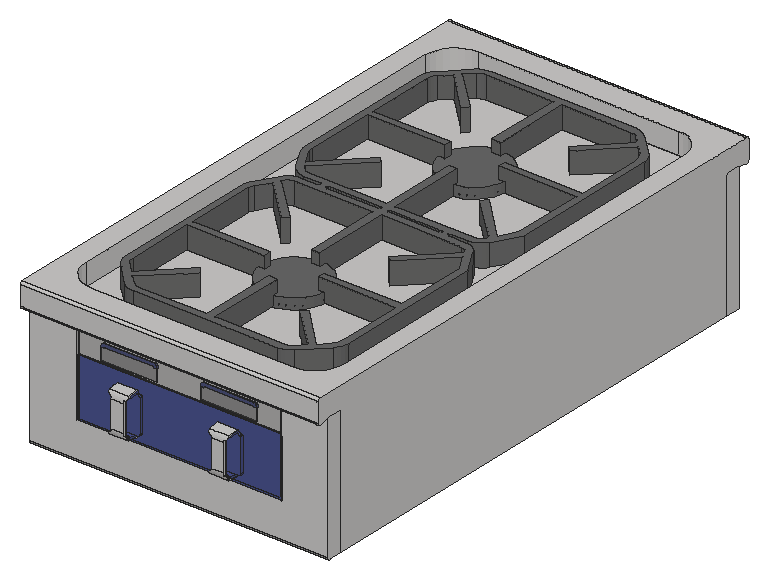
Revit family "QF_ELECTROLUXPROFESSIONAL_593302_MCDBAAHOVO", category Specialty Equipment, Revit 2018
Family settings
  Round Connector Dimension = Use Diameter
  Part Type = Normal
  Work Plane-Based = No
  Always vertical = Yes
  Cut with Voids When Loaded = No
  Shared = No
  Room Calculation Point = No
Parameters (values of type "Standard")
  Weight = 115.00 kg
  Watts = 0 W
  Volts = 0 V
  URL Manufacturer = "http://professional.electrolux.com"
  URL = "http://professional.electrolux.com"
  Steam Supply Size = 0"
  Steam Supply Minimum Pressure = 0.00 psi
  Steam Supply Maximum Pressure = 0.00 psi
  Steam Pounds per Hour = 0
  Refrigeration Suction Line Size = 0 mm
  Refrigeration Liquid Line Size = 0 mm
  Refrigerant Compressor Remote = yes
  Phase = 0
  Model = "MCDBAAHOVO"
  Manufacturer = "Electrolux Professional"
  Length Actual = 800 mm  # constant formula
  Item Number = "593302"
  Hot Water Size = 0"
  Height Actual = 250 mm  # constant formula
  HP = "0 HP"
  Gas Size = 1/2"
  Gas KW = 19
  Gas Input Pressure = 1.55329 Btu/h
  Direct Waste Size = 0"
  Description = "GAS CHARGRILL,TOWNGAS,1S,800X900X250H"
  Depth Actual = 900 mm  # constant formula
  Cycle = 0 Hz
  Condensate Return Size = 0"
  Compressed Air Volume = 0 GPM
  Compressed Air Size = 0"
  Compressed Air Pressure = 0.00 psi
  Cold Water Size = 0"
  Back Panel [instance] = yes
  Accessory = yes
Reference planes
  plane 1 "BACK": y = 0
  plane 2: z = 0
  plane 3 "LEFT": x = 0
  plane 4 "RIGHT": x = 500
  plane 5 "FRONT": y = -900
  plane 6 "TOP": z = 250
  plane 7: x = 250
  plane 8: y = -450
  plane 9: x = 465
  plane 10: y = -60.425
Forms (mm)
  Extrusion 1, solid, material "QF_Finishes_Stainless Steel"
    sketch origin (0, -487.128, 0) x (0, 1, 0) y (0, 0, 1)
      loop
        line (483.128, 250) -> (-408.872, 250)
        arc (-408.872, 250) -> (-411.7, 248.828) -> (-412.872, 246) r 4
        line (-412.872, 246) -> (-412.872, 214)
        arc (-412.872, 214) -> (-411.437, 210.931) -> (-408.161, 210.064) r 4
        line (-408.161, 210.064) -> (-392.872, 213) -> (-367.872, 213) -> (-367.872, 0) -> (441.714, 0) -> (441.714, 213) -> (465.765, 213) -> (482.433, 210.061)
        arc (482.433, 210.061) -> (485.699, 210.936) -> (487.128, 214) r 4
        line (487.128, 214) -> (487.128, 246)
        arc (487.128, 246) -> (485.956, 248.828) -> (483.128, 250) r 4
    from 0 to 500
  Extrusion 2, solid, material "QF_Finishes_Stainless Steel", visible <- "Back Panel"
    sketch origin (0, 0.586, 0) x (0, 1, 0) y (0, 0, 1)
      loop
        line (-46, 0) -> (-21, 0) -> (-21, 212.833) -> (-21.949, 213) -> (-46, 213) -> (-46, 0)
    from 0 to 500
  Extrusion 3, void
    sketch origin (653.786, 44.048, 250) x (1, 0, 0) y (0, -1, 0)
      loop
        line (-570.234, 89.462) -> (-235.321, 89.462)
        arc (-235.321, 89.462) -> (-200.694, 103.805) -> (-186.351, 138.432) r 48.97
        line (-186.351, 138.432) -> (-186.351, 850.078)
        arc (-186.351, 850.078) -> (-200.694, 884.705) -> (-235.321, 899.048) r 48.97
        line (-235.321, 899.048) -> (-570.234, 899.048)
        arc (-570.234, 899.048) -> (-605.59, 884.403) -> (-620.234, 849.048) r 50
        line (-620.234, 849.048) -> (-620.234, 139.462)
        arc (-620.234, 139.462) -> (-605.59, 104.107) -> (-570.234, 89.462) r 50
    from 0 to 37
  Extrusion 4, solid, material "QF_Finishes_Stainless Steel"
    sketch origin (10, -759, 0) x (1, 0, 0) y (0, -1, 0)
      loop
        circle (455, -169) r 6.35
    from 0 to 3.2
Cuts and joins
  Extrusion 3 cuts Extrusion 1
Lines and regions (mm)
  symbolic lines
    curve 1: line (0, 0, 0) -> (500, 0, 0)
    curve 2: line (0, -900, 0) -> (0, 0, 0)
    curve 3: line (500, -900, 0) -> (0, -900, 0)
    curve 4: line (500, 0, 0) -> (500, -900, 0)
    curve 5: arc (83.552, -855, 0) -> (48.197, -840.355, 0) -> (33.552, -805, 0) r 50
    curve 6: line (33.552, -805, 0) -> (33.552, -95.414, 0)
    curve 7: arc (33.552, -95.414, 0) -> (48.197, -60.059, 0) -> (83.552, -45.414, 0) r 50
    curve 8: line (83.552, -45.414, 0) -> (418.465, -45.414, 0)
    curve 9: arc (418.465, -45.414, 0) -> (453.092, -59.757, 0) -> (467.435, -94.384, 0) r 48.97
    curve 10: line (467.435, -94.384, 0) -> (467.435, -806.03, 0)
    curve 11: arc (467.435, -806.03, 0) -> (453.092, -840.657, 0) -> (418.465, -855, 0) r 48.97
    curve 12: line (418.465, -855, 0) -> (83.552, -855, 0)
Dimensions and locks
  plane 3 "LEFT" to plane 4 "RIGHT" = 500 mm
  plane 5 "FRONT" to plane 1 "BACK" = 900 mm
  equal spacing: plane 3 "LEFT", plane 7, plane 4 "RIGHT"
  equal spacing: plane 5 "FRONT", plane 8, plane 1 "BACK"
  plane 6 "TOP" to level = 250 mm  (x2)
  plane 1 "BACK" to plane 5 "FRONT" = 900 mm
  Extrusion 4 sketch curve to plane 1 "BACK" = 590 mm
  Extrusion 4 sketch curve to plane 4 "RIGHT" = 35 mm
  plane 1 "BACK" to Extrusion 4 = 590 mm
  plane 9 to plane 4 "RIGHT" = 35 mm
  aligned and locked: level to plane 2
  aligned and locked: plane 7 to nested 1
  aligned and locked: Extrusion 1 to plane 4 "RIGHT"
Automatic sketch dimensions
  Extrusion 1 sketch curve to plane 5 "FRONT" = 0 mm
  Extrusion 1 sketch curve to plane 6 "TOP" = 0 mm
  Extrusion 1 sketch curve to level = 0 mm
  Extrusion 1 sketch curve to plane 1 "BACK" = 0 mm
  Extrusion 1 sketch curve to plane 6 "TOP" = 37 mm  (x2)
  Extrusion 1 sketch curve to plane 5 "FRONT" = 4 mm
  Extrusion 1 sketch curve to plane 5 "FRONT" = 20 mm
  Extrusion 1 sketch curve to plane 5 "FRONT" = 45 mm
  plane 1 "BACK" to Extrusion 1 sketch curve = 21.363 mm
  plane 1 "BACK" to Extrusion 1 sketch curve = 4 mm  (x2)
  Extrusion 1 sketch curve to Extrusion 1 sketch curve = 4 mm
  Extrusion 1 sketch curve to Extrusion 1 sketch curve = 0.711 mm
  plane 1 "BACK" to Extrusion 1 sketch curve = 4.695 mm
  Extrusion 1 sketch curve to Extrusion 1 sketch curve = 0 mm  (x2)
  Extrusion 1 sketch curve to Extrusion 1 sketch curve = 1 mm  (x2)
  plane 1 "BACK" to Extrusion 1 sketch curve = 45.414 mm
  plane 1 "BACK" to curve 1 = 0 mm
  curve 1 to plane 4 "RIGHT" = 0 mm
  curve 2 to plane 3 "LEFT" = 0 mm
  plane 5 "FRONT" to curve 2 = 0 mm
  Extrusion 3 sketch curve to Extrusion 3 sketch curve = 50 mm  (x2)
  Extrusion 1 to Extrusion 3 sketch curve = 81.535 mm  (x2)
  Extrusion 1 to Extrusion 3 sketch curve = 41 mm
  Extrusion 1 to Extrusion 3 sketch curve = 32.565 mm
  Extrusion 1 to Extrusion 3 sketch curve = 33.552 mm
  Extrusion 1 to Extrusion 3 sketch curve = 91.414 mm
  Extrusion 2 sketch curve to level = 0 mm
  plane 10 to Extrusion 2 sketch curve = 15.012 mm
  Extrusion 2 sketch curve to plane 6 "TOP" = 37.167 mm
  Extrusion 2 sketch curve to Extrusion 2 sketch curve = 0.949 mm
  plane 1 "BACK" to Extrusion 2 sketch curve = 20.414 mm
  Extrusion 2 sketch curve to plane 6 "TOP" = 37 mm
  curve 10 to plane 9 = 2.435 mm
  plane 10 to curve 8 = 15.012 mm
  plane 9 to curve 8 = 46.535 mm
  plane 3 "LEFT" to curve 8 = 83.552 mm
  plane 3 "LEFT" to curve 6 = 33.552 mm
  curve 6 to plane 5 "FRONT" = 95 mm
  plane 9 to curve 12 = 46.535 mm
  curve 10 to plane 5 "FRONT" = 93.97 mm
  radius of Extrusion 4 sketch curve = 6.35 mm
Nested families
  nested 1: "EG_900_500_Double Range Control Handle Front Panel" at (202.376, -855, -650), type "EG_900_500_Double Range Control Handle Front Panel"
  nested 2: "OBT_900_Open Burner" at (250, -450.207, -649.319), type "OBT_900_Open Burner"
Connectors
  piping at (465, -590, -3.2), diameter 12.8
    settings: on Extrusion 4, index 1, connector inside diameter 0.50394", connector length 0 mm, flow factor 0, pipe flow 0 GPM, pressure drop 0.00 psi, fitting loss kfactor 0, connector angle 0.00°, fixture units 0, engagement length 0 mm, angle of deflection 0.00°, flow configuration 1, flow direction 1, fitting loss method 0, system type 7, joint type 0, gender type 0, connector reference index -1, connector utility 0, adjustable connector no, is connector primary yes, connector description "GAS CONNECTION"
Definition of nested family "EG_900_500_Double Range Control Handle Front Panel"
  Reference planes
    plane 1 "Center (Front/Back)": y = 0
    plane 2: z = 0
    plane 3 "Center (Left/Right)": x = 47.624
    plane 4: x = -202.376
    plane 5: x = 297.624
    plane 6: y = -45
  Forms (mm)
    Extrusion 1, solid
      sketch origin (833.217, 829.203, -1.25) x (0, 1, 0) y (0, 0, 1)
        loop
          arc (-854.203, 654.25) -> (-853.324, 652.129) -> (-851.203, 651.25) r 3
          line (-851.203, 651.25) -> (-829.203, 651.25) -> (-829.203, 864.25) -> (-854.203, 864.25) -> (-854.203, 654.25)
      from -1035.593 to -535.593
    Extrusion 2, void
      sketch origin (33.217, 829.203, -1.25) x (1, 0, 0) y (0, 0, 1)
        loop
          line (-157.593, 855.116) -> (-157.593, 713.116) -> (186.407, 713.116) -> (186.407, 855.116) -> (-157.593, 855.116)
      from 848.59 to 854.203
  Cuts and joins
    Extrusion 2 cuts Extrusion 1
  Dimensions and locks
    equal spacing: plane 5, plane 3 "Center (Left/Right)", plane 4
    plane 5 to plane 4 = 500 mm
    equal spacing: nested 3, nested 2, nested 1
    aligned and locked: cut or joined group of Extrusion 1, Extrusion 2 to plane 4
    aligned and locked: plane 5 to cut or joined group of Extrusion 1, Extrusion 2
    aligned and locked: plane 3 "Center (Left/Right)" to nested 2
    aligned and locked: cut or joined group of Extrusion 1, Extrusion 2 to nested 2
  Automatic sketch dimensions
    Extrusion 1 sketch curve to plane 1 "Center (Front/Back)" = 0 mm
    plane 1 "Center (Front/Back)" to Extrusion 1 sketch curve = 22 mm
    Extrusion 1 sketch curve to Extrusion 1 sketch curve = 3 mm
    level to Extrusion 1 sketch curve = 650 mm
    Extrusion 1 sketch curve to Extrusion 1 sketch curve = 210 mm
    plane 4 to Extrusion 2 sketch curve = 78 mm
    Extrusion 2 sketch curve to plane 5 = 78 mm
    level to Extrusion 2 sketch curve = 711.866 mm
    Extrusion 2 sketch curve to Extrusion 2 sketch curve = 142 mm
  Nested families
    nested 1: "Range Control Handle" at (-36.126, -28.137, -209.113) x (-1, 0, 0) z (0, 0, 1), type "Range Control Handle"
    nested 2: "glass conrol panel" at (47.624, 280.644, 2.752), type "glass conrol panel"
    nested 3: "Range Control Handle" at (131.374, -28.137, -209.113), type "Range Control Handle"
  Definition of nested family "Range Control Handle"
    Reference planes
      plane 1 "Center (Front/Back)": y = 0
      plane 2: z = 0
      plane 3 "Center (Left/Right)": x = 0
      plane 4: z = 971.092
      plane 5: y = -16.9
    Forms (mm)
      Extrusion 1, solid
        sketch origin (-746.28, 380.497, 208.931) x (-1, 0, 0) y (0, 0, 1)
          loop
            line (-770.101, 786.798) -> (-770.101, 731.649)
            arc (-770.101, 731.649) -> (-769.759, 730.563) -> (-768.855, 729.87) r 1.893
            line (-768.855, 729.87) -> (-763.474, 727.911) -> (-729.81, 727.911) -> (-724.428, 729.87)
            arc (-724.428, 729.87) -> (-723.525, 730.563) -> (-723.183, 731.649) r 1.893
            line (-723.183, 731.649) -> (-723.183, 786.798)
            arc (-723.183, 786.798) -> (-723.529, 787.894) -> (-724.44, 788.593) r 1.91
            line (-724.44, 788.593) -> (-729.683, 790.819) -> (-763.601, 790.819) -> (-768.844, 788.593)
            arc (-768.844, 788.593) -> (-769.755, 787.894) -> (-770.101, 786.798) r 1.91
        from -382.35 to -378.852
      Sweep 2, solid
        path origin (-746.788, 380.496, 208.091) x (0, -1, 0) y (0, 0, 1)
          loop
            line (379.775, 793.281) -> (395.661, 791.048)
            arc (395.661, 791.048) -> (397.781, 787.377) -> (398.517, 783.202) r 12.207
            line (398.517, 783.202) -> (398.517, 737.368)
            arc (398.517, 737.368) -> (397.781, 733.193) -> (395.661, 729.522) r 12.207
            line (395.661, 729.522) -> (379.775, 727.289)
        profile origin (-746.788, -7.222, 1000.256) x (0, -0.139173, 0.990268) y (-1, 0, 0)
          loop
            line (0.782, -763.123) -> (0.782, -730.907) -> (-1.322, -730.907) -> (-1.322, -763.123) -> (0.782, -763.123)
      Sweep 3, solid
        path origin (-746.788, 380.715, 207.832) x (0, -1, 0) y (0, 0, 1)
          loop
            line (380.478, 795.442) -> (397.218, 793.09)
            arc (397.218, 793.09) -> (399.929, 788.473) -> (400.871, 783.202) r 15.207
            line (400.871, 783.202) -> (400.871, 737.584)
            arc (400.871, 737.584) -> (399.914, 732.274) -> (397.164, 727.633) r 15.207
            line (397.164, 727.633) -> (380.601, 725.305)
        profile origin (-746.788, -8.132, 1002.099) x (0, -0.139173, 0.990268) y (-1, 0, 0)
          loop
            line (0.782, -763.123) -> (0.782, -730.907) -> (-1.322, -730.907) -> (-1.322, -763.123) -> (0.782, -763.123)
      Extrusion 4, void
        sketch origin (889.253, 220.666, 207.993) x (1, 0, 0) y (0, 0, 1)
          loop
            line (-943.038, 816.854) -> (-943.038, 703.686) -> (-899.466, 734.196) -> (-899.466, 786.344) -> (-943.038, 816.854)
        from 230.636 to 242.25
      Extrusion 5, void
        sketch origin (-888.8, 220.666, 207.993) x (-1, 0, 0) y (0, 0, -1)
          loop
            line (-943.038, -816.854) -> (-899.466, -786.344) -> (-899.466, -734.196) -> (-943.038, -703.686) -> (-943.038, -816.854)
        from 230.636 to 242.25
      Extrusion 6, solid
        sketch origin (0, 0, 0) x (1, 0, 0) y (0, 0, 1)
          loop
            circle (0, 971.092) r 7.736
        from -3.137 to -1.645
    Cuts and joins
      Extrusion 4, Extrusion 5 cuts Sweep 3
      Extrusion 4, Extrusion 5 cuts Sweep 2
      joined: Extrusion 1, Extrusion 6
    Lines and regions (mm)
      symbolic lines
        curve 1: line (16.334, -16.9, 0) -> (16.334, -19.227, 0)
        curve 2: spline (16.334, -19.227, 0) -> (15.87, -19.385, 0) -> (15.404, -19.536, 0) -> (14.936, -19.678, 0) -> (14.466, -19.813, 0) -> (13.995, -19.94, 0) -> (13.523, -20.059, 0) -> (13.049, -20.171, 0) -> (12.575, -20.274, 0) -> (12.099, -20.37, 0) -> (11.622, -20.458, 0) -> (11.144, -20.537, 0) -> (10.666, -20.609, 0)
        curve 3: line (10.666, -16.9, 0) -> (10.666, -20.938, 0)
        curve 4: line (-10.213, -20.938, 0) -> (10.666, -20.938, 0)
        curve 5: line (-10.213, -20.938, 0) -> (-10.213, -16.9, 0)
        curve 6: spline (-10.213, -20.609, 0) -> (-10.691, -20.537, 0) -> (-11.169, -20.458, 0) -> (-11.646, -20.37, 0) -> (-12.122, -20.274, 0) -> (-12.597, -20.171, 0) -> (-13.07, -20.059, 0) -> (-13.542, -19.94, 0) -> (-14.013, -19.813, 0) -> (-14.483, -19.678, 0) -> (-14.951, -19.536, 0) -> (-15.417, -19.385, 0) -> (-15.881, -19.227, 0)
        curve 7: line (-15.881, -19.227, 0) -> (-15.881, -16.9, 0)
  Definition of nested family "glass conrol panel"
    Reference planes
      plane 1 "Center (Front/Back)": y = 0
      plane 2: z = 0
      plane 3 "Center (Left/Right)": x = 0
    Forms (mm)
      Extrusion 1, solid
        sketch origin (378.286, 0, 0.617) x (1, 0, 0) y (0, 0, 1)
          loop
            line (-550.286, 806.791) -> (-550.286, 708.497) -> (-206.286, 708.497) -> (-206.286, 806.791) -> (-550.286, 806.791)
        from 300.031 to 304.8
      Extrusion 2, solid
        sketch origin (378.286, 0, 0.617) x (1, 0, 0) y (0, 0, 1)
          loop
            line (-550.286, 850.497) -> (-550.286, 806.791) -> (-206.286, 806.791) -> (-206.286, 850.497) -> (-550.286, 850.497)
        from 300.031 to 304.8
      Extrusion 3, void
        sketch origin (378.286, 0, 0.617) x (1, 0, 0) y (0, 0, 1)
          loop
            line (-547.628, 847.565) -> (-547.628, 710.699) -> (-209.196, 710.699) -> (-209.196, 847.565) -> (-547.628, 847.565)
        from 303.697 to 304.8
      Extrusion 4, solid
        sketch origin (-392.059, 1.101, -0.633) x (-1, 0, 0) y (0, 0, -1)
          loop
            line (-261.431, -812.62) -> (-355.186, -812.62) -> (-355.186, -834.177) -> (-350.269, -834.177) -> (-348.469, -835.977) -> (-268.039, -835.977) -> (-266.24, -834.177) -> (-261.431, -834.177) -> (-261.431, -812.62)
        from 304.798 to 306.745
      Extrusion 5, solid
        sketch origin (-392.059, 1.101, -0.633) x (-1, 0, 0) y (0, 0, -1)
          loop
            line (-350.269, -834.177) -> (-355.078, -834.177)
            arc (-355.078, -834.177) -> (-353.942, -838.747) -> (-349.686, -840.763) r 5.5
            line (-349.686, -840.763) -> (-266.98, -840.763)
            arc (-266.98, -840.763) -> (-262.706, -838.752) -> (-261.529, -834.177) r 5.549
            line (-261.529, -834.177) -> (-266.24, -834.177) -> (-268.039, -835.977) -> (-348.469, -835.977) -> (-350.269, -834.177)
        from 304.798 to 306.745
      Extrusion 6, solid
        sketch origin (392.059, 1.101, -0.633) x (1, 0, 0) y (0, 0, 1)
          loop
            line (-261.431, 812.62) -> (-261.431, 834.177) -> (-266.24, 834.177) -> (-268.039, 835.977) -> (-348.469, 835.977) -> (-350.269, 834.177) -> (-355.186, 834.177) -> (-355.186, 812.62) -> (-261.431, 812.62)
        from 304.798 to 306.745
      Extrusion 7, solid
        sketch origin (392.059, 1.101, -0.633) x (1, 0, 0) y (0, 0, 1)
          loop
            line (-350.269, 834.177) -> (-348.469, 835.977) -> (-268.039, 835.977) -> (-266.24, 834.177) -> (-261.529, 834.177)
            arc (-261.529, 834.177) -> (-262.706, 838.752) -> (-266.98, 840.763) r 5.549
            line (-266.98, 840.763) -> (-349.686, 840.763)
            arc (-349.686, 840.763) -> (-353.942, 838.747) -> (-355.078, 834.177) r 5.5
            line (-355.078, 834.177) -> (-350.269, 834.177)
        from 304.798 to 306.745
    Cuts and joins
      Extrusion 3 cuts Extrusion 1
      Extrusion 3 cuts Extrusion 2
    Dimensions and locks
      aligned and locked: Extrusion 1 to Extrusion 2
      aligned and locked: Extrusion 5 sketch curve to Extrusion 4  (x5)
      aligned and locked: Extrusion 5 to Extrusion 4
      aligned and locked: Extrusion 7 sketch curve to Extrusion 6  (x4)
      aligned and locked: Extrusion 6 to Extrusion 7 sketch curve
      aligned and locked: Extrusion 7 to Extrusion 6
Definition of nested family "OBT_900_Open Burner"
  Reference planes
    plane 1 "Center (Front/Back)": y = 0
    plane 2: z = 0
    plane 3 "Center (Left/Right)": x = 0
    plane 4: x = -186.448
    plane 5: x = 187.435
    plane 6: y = 374.793
    plane 7: y = -374.793
    plane 8: y = -188.326
  Forms (mm)
    Extrusion 1, solid
      sketch origin (2130.573, 56.896, -679.622) x (1, 0, 0) y (0, 1, 0)
        loop
          line (-2137.44, 306.49) -> (-2250.793, 306.49)
          arc (-2250.793, 306.49) -> (-2257.908, 305.075) -> (-2263.94, 301.044) r 18.593
          line (-2263.94, 301.044) -> (-2276.233, 288.751) -> (-2213.48, 225.998) -> (-2221.6, 217.877) -> (-2284.354, 280.631) -> (-2300.33, 264.654)
          arc (-2300.33, 264.654) -> (-2304.433, 258.337) -> (-2305.614, 250.897) r 18.125
          line (-2305.614, 250.897) -> (-2305.614, 138.422) -> (-2175.79, 138.422) -> (-2175.79, 126.938) -> (-2305.614, 126.938) -> (-2305.614, 10.897)
          arc (-2305.614, 10.897) -> (-2304.981, 6.085) -> (-2303.123, 1.601) r 18.593
          line (-2303.123, 1.601) -> (-2290.078, -20.994) -> (-2221.6, 47.483) -> (-2213.48, 39.363) -> (-2284.012, -31.169)
          arc (-2284.012, -31.169) -> (-2278.546, -38.527) -> (-2270.23, -42.379) r 18.593
          line (-2270.23, -42.379) -> (-2137.44, -42.379) -> (-2137.44, 87.464) -> (-2123.707, 87.464) -> (-2123.707, -42.379) -> (-1989.813, -42.379)
          arc (-1989.813, -42.379) -> (-1981.496, -38.527) -> (-1976.031, -31.169) r 18.593
          line (-1976.031, -31.169) -> (-2047.115, 39.915) -> (-2038.994, 48.035) -> (-1969.962, -20.997) -> (-1954.428, 5.916) -> (-1954.428, 126.938) -> (-2085.357, 126.938) -> (-2085.357, 138.422) -> (-1954.428, 138.422) -> (-1954.428, 247.888)
          arc (-1954.428, 247.888) -> (-1956.538, 258.496) -> (-1962.547, 267.489) r 27.72
          line (-1962.547, 267.489) -> (-1975.689, 280.631) -> (-2038.994, 217.325) -> (-2047.115, 225.446) -> (-1983.809, 288.751) -> (-1996.102, 301.044)
          arc (-1996.102, 301.044) -> (-2002.134, 305.075) -> (-2009.25, 306.49) r 18.593
          line (-2009.25, 306.49) -> (-2123.707, 306.49) -> (-2123.707, 177.897) -> (-2137.44, 177.897) -> (-2137.44, 306.49)
        loop
          arc (-2317.021, 10.897) -> (-2315.999, 3.132) -> (-2313.002, -4.103) r 30
          line (-2313.002, -4.103) -> (-2292.795, -39.103)
          arc (-2292.795, -39.103) -> (-2281.814, -50.084) -> (-2266.814, -54.103) r 30
          line (-2266.814, -54.103) -> (-2239.287, -54.103)
          arc (-2239.287, -54.103) -> (-2238.243, -56) -> (-2236.272, -56.896) r 3.438
          arc (-2236.272, -56.896) -> (-2238.243, -57.792) -> (-2239.287, -59.689) r 3.438
          line (-2239.287, -59.689) -> (-2266.814, -59.689)
          arc (-2266.814, -59.689) -> (-2281.814, -63.708) -> (-2292.795, -74.689) r 30
          line (-2292.795, -74.689) -> (-2313.002, -109.689)
          arc (-2313.002, -109.689) -> (-2315.999, -116.924) -> (-2317.021, -124.689) r 30
          line (-2317.021, -124.689) -> (-2317.021, -365.461)
          arc (-2317.021, -365.461) -> (-2314.738, -376.941) -> (-2308.234, -386.674) r 30
          line (-2308.234, -386.674) -> (-2271.975, -422.933)
          arc (-2271.975, -422.933) -> (-2262.253, -429.414) -> (-2250.793, -431.689) r 30
          line (-2250.793, -431.689) -> (-2009.25, -431.689)
          arc (-2009.25, -431.689) -> (-1997.786, -429.412) -> (-1988.062, -422.928) r 30
          line (-1988.062, -422.928) -> (-1951.808, -386.674)
          arc (-1951.808, -386.674) -> (-1945.305, -376.941) -> (-1942.982, -365.461) r 30
          line (-1942.982, -365.461) -> (-1942.982, -116.719) -> (-1967.248, -74.689)
          arc (-1967.248, -74.689) -> (-1978.229, -63.708) -> (-1993.229, -59.689) r 30
          line (-1993.229, -59.689) -> (-2020.319, -59.689)
          arc (-2020.319, -59.689) -> (-2021.979, -57.759) -> (-2024.375, -56.896) r 5
          arc (-2024.375, -56.896) -> (-2021.979, -56.033) -> (-2020.319, -54.103) r 5
          line (-2020.319, -54.103) -> (-1993.229, -54.103)
          arc (-1993.229, -54.103) -> (-1978.229, -50.084) -> (-1967.248, -39.103) r 30
          line (-1967.248, -39.103) -> (-1943.138, 2.656) -> (-1943.138, 254.314)
          arc (-1943.138, 254.314) -> (-1945.839, 264.361) -> (-1951.808, 272.882) r 30
          line (-1951.808, 272.882) -> (-1988.062, 309.136)
          arc (-1988.062, 309.136) -> (-1997.786, 315.62) -> (-2009.25, 317.897) r 30
          line (-2009.25, 317.897) -> (-2250.793, 317.897)
          arc (-2250.793, 317.897) -> (-2262.253, 315.622) -> (-2271.975, 309.141) r 30
          line (-2271.975, 309.141) -> (-2308.234, 272.882)
          arc (-2308.234, 272.882) -> (-2314.738, 263.149) -> (-2317.021, 251.669) r 30
          line (-2317.021, 251.669) -> (-2317.021, 10.897)
        loop
          arc (-2122.397, -54.103) -> (-2124.057, -56.033) -> (-2126.452, -56.896) r 5
          arc (-2126.452, -56.896) -> (-2124.057, -57.759) -> (-2122.397, -59.689) r 5
          line (-2122.397, -59.689) -> (-2035.829, -59.689)
          arc (-2035.829, -59.689) -> (-2034.784, -57.792) -> (-2032.813, -56.896) r 3.438
          arc (-2032.813, -56.896) -> (-2034.784, -56) -> (-2035.829, -54.103) r 3.438
          line (-2035.829, -54.103) -> (-2122.397, -54.103)
        loop
          arc (-2223.778, -54.103) -> (-2225.438, -56.033) -> (-2227.833, -56.896) r 5
          arc (-2227.833, -56.896) -> (-2225.438, -57.759) -> (-2223.778, -59.689) r 5
          line (-2223.778, -59.689) -> (-2137.906, -59.689)
          arc (-2137.906, -59.689) -> (-2136.862, -57.792) -> (-2134.891, -56.896) r 3.438
          arc (-2134.891, -56.896) -> (-2136.862, -56) -> (-2137.906, -54.103) r 3.438
          line (-2137.906, -54.103) -> (-2223.778, -54.103)
        loop
          line (-2137.44, -420.282) -> (-2137.44, -290.439) -> (-2123.707, -290.439) -> (-2123.707, -420.282) -> (-2009.25, -420.282)
          arc (-2009.25, -420.282) -> (-2002.134, -418.867) -> (-1996.102, -414.836) r 18.593
          line (-1996.102, -414.836) -> (-1983.184, -401.918) -> (-2047.115, -337.988) -> (-2038.994, -329.867) -> (-1975.064, -393.798) -> (-1962.547, -381.281)
          arc (-1962.547, -381.281) -> (-1956.538, -372.288) -> (-1954.428, -361.68) r 27.72
          line (-1954.428, -361.68) -> (-1954.428, -250.964) -> (-2085.357, -250.964) -> (-2085.357, -239.48) -> (-1954.428, -239.48) -> (-1954.428, -119.708) -> (-1970.42, -92.003) -> (-2038.994, -160.577) -> (-2047.115, -152.457) -> (-1976.413, -81.755)
          arc (-1976.413, -81.755) -> (-1981.868, -74.971) -> (-1989.813, -71.413) r 18.593
          line (-1989.813, -71.413) -> (-2123.707, -71.413) -> (-2123.707, -200.006) -> (-2137.44, -200.006) -> (-2137.44, -71.413) -> (-2270.23, -71.413)
          arc (-2270.23, -71.413) -> (-2278.175, -74.971) -> (-2283.629, -81.755) r 18.593
          line (-2283.629, -81.755) -> (-2213.48, -151.905) -> (-2221.6, -160.025) -> (-2289.62, -92.005) -> (-2303.123, -115.393)
          arc (-2303.123, -115.393) -> (-2304.981, -119.877) -> (-2305.614, -124.689) r 18.593
          line (-2305.614, -124.689) -> (-2305.614, -239.48) -> (-2175.79, -239.48) -> (-2175.79, -250.964) -> (-2305.614, -250.964) -> (-2305.614, -364.689)
          arc (-2305.614, -364.689) -> (-2304.433, -372.129) -> (-2300.33, -378.446) r 18.125
          line (-2300.33, -378.446) -> (-2284.979, -393.798) -> (-2221.6, -330.419) -> (-2213.48, -338.54) -> (-2276.858, -401.918) -> (-2263.94, -414.836)
          arc (-2263.94, -414.836) -> (-2257.908, -418.867) -> (-2250.793, -420.282) r 18.593
          line (-2250.793, -420.282) -> (-2137.44, -420.282)
      from 1542.072 to 1578.941
    Extrusion 2, solid
      sketch origin (2130.573, 61.122, 0) x (1, 0, 0) y (0, 1, 0)
        loop
          circle (-2130.573, -249.448) r 55
        loop
          circle (-2130.573, 128.455) r 55
      from 862.45 to 879.837
    Extrusion 3, void
      sketch origin (-124.371, -355.785, -22.784) x (-0.587785, -0.809017, 0) y (0, 0, 1)
        loop
          circle (-213.495, 891.283) r 1
      from -67.69 to -35.114
    Extrusion 4, void
      sketch origin (-89.903, -376.417, -22.784) x (-0.422618, -0.906308, 0) y (0, 0, 1)
        loop
          circle (-213.495, 891.283) r 1
      from -74.826 to -35.114
    Extrusion 5, void
      sketch origin (-52.131, -390.093, -22.784) x (-0.241922, -0.970296, 0) y (0, 0, 1)
        loop
          circle (-213.495, 891.283) r 1
      from -67.69 to -35.114
    Extrusion 6, void
      sketch origin (27.702, -394.842, -22.784) x (0.139173, -0.990268, 0) y (0, 0, 1)
        loop
          circle (-213.495, 891.283) r 1
      from -67.69 to -35.114
    Extrusion 7, void
      sketch origin (66.829, -385.74, -22.784) x (0.325568, -0.945519, 0) y (0, 0, 1)
        loop
          circle (-213.495, 891.283) r 1
      from -67.69 to -35.114
    Extrusion 8, void
      sketch origin (103.5, -369.339, -22.784) x (0.5, -0.866025, 0) y (0, 0, 1)
        loop
          circle (-213.495, 891.283) r 1
      from -67.69 to -35.114
    Extrusion 9, void
      sketch origin (136.368, -346.242, -22.784) x (0.656059, -0.75471, 0) y (0, 0, 1)
        loop
          circle (-213.495, 891.283) r 1
      from -67.69 to -35.114
    Extrusion 10, void
      sketch origin (164.225, -317.298, -22.784) x (0.788011, -0.615661, 0) y (0, 0, 1)
        loop
          circle (-213.495, 891.283) r 1
      from -67.69 to -35.114
    Extrusion 11, void
      sketch origin (186.048, -283.571, -22.784) x (0.891007, -0.45399, 0) y (0, 0, 1)
        loop
          circle (-213.495, 891.283) r 1
      from -67.69 to -35.114
    Extrusion 12, void
      sketch origin (201.034, -246.299, -22.784) x (0.961262, -0.275637, 0) y (0, 0, 1)
        loop
          circle (-213.495, 891.283) r 1
      from -67.69 to -35.114
    Extrusion 13, void
      sketch origin (208.566, -166.681, -22.784) x (0.994522, 0.104528, 0) y (0, 0, 1)
        loop
          circle (-213.495, 891.283) r 1
      from -67.69 to -35.114
    Extrusion 14, void
      sketch origin (200.835, -127.26, -22.784) x (0.956305, 0.292372, 0) y (0, 0, 1)
        loop
          circle (-213.495, 891.283) r 1
      from -67.69 to -35.114
    Extrusion 15, void
      sketch origin (185.724, -90.039, -22.784) x (0.882948, 0.469472, 0) y (0, 0, 1)
        loop
          circle (-213.495, 891.283) r 1
      from -67.69 to -35.114
    Extrusion 16, void
      sketch origin (163.788, -56.385, -22.784) x (0.777146, 0.62932, 0) y (0, 0, 1)
        loop
          circle (-213.495, 891.283) r 1
      from -67.69 to -35.114
    Extrusion 17, void
      sketch origin (135.834, -27.534, -22.784) x (0.642788, 0.766044, 0) y (0, 0, 1)
        loop
          circle (-213.495, 891.283) r 1
      from -67.69 to -35.114
    Extrusion 18, void
      sketch origin (102.889, -4.548, -22.784) x (0.48481, 0.87462, 0) y (0, 0, 1)
        loop
          circle (-213.495, 891.283) r 1
      from -67.69 to -35.114
    Extrusion 19, void
      sketch origin (66.163, 11.73, -22.784) x (0.309017, 0.951057, 0) y (0, 0, 1)
        loop
          circle (-213.495, 891.283) r 1
      from -67.69 to -35.114
    Extrusion 20, void
      sketch origin (-52.811, 15.685, -22.784) x (-0.258819, 0.965926, 0) y (0, 0, 1)
        loop
          circle (-213.495, 891.283) r 1
      from -67.69 to -35.114
    Extrusion 21, void
      sketch origin (-90.537, 1.882, -22.784) x (-0.438371, 0.898794, 0) y (0, 0, 1)
        loop
          circle (-213.495, 891.283) r 1
      from -67.69 to -35.114
    Extrusion 22, void
      sketch origin (-124.936, -18.865, -22.784) x (-0.601815, 0.798636, 0) y (0, 0, 1)
        loop
          circle (-213.495, 891.283) r 1
      from -67.69 to -35.114
    Extrusion 23, void
      sketch origin (-154.744, -45.796, -22.784) x (-0.743145, 0.669131, 0) y (0, 0, 1)
        loop
          circle (-213.495, 891.283) r 1
      from -67.69 to -35.114
    Extrusion 24, void
      sketch origin (-178.866, -77.919, -22.784) x (-0.857167, 0.515038, 0) y (0, 0, 1)
        loop
          circle (-213.495, 891.283) r 1
      from -67.69 to -35.114
    Extrusion 25, void
      sketch origin (-196.416, -114.054, -22.784) x (-0.939693, 0.34202, 0) y (0, 0, 1)
        loop
          circle (-213.495, 891.283) r 1
      from -67.69 to -35.114
    Extrusion 26, void
      sketch origin (-204.521, -232.817, -22.784) x (-0.97437, -0.224951, 0) y (0, 0, 1)
        loop
          circle (-213.495, 891.283) r 1
      from -67.69 to -35.114
    Extrusion 27, void
      sketch origin (-192.043, -271.002, -22.784) x (-0.913545, -0.406737, 0) y (0, 0, 1)
        loop
          circle (-213.495, 891.283) r 1
      from -67.69 to -35.114
    Extrusion 28, void
      sketch origin (-172.509, -306.104, -22.784) x (-0.819152, -0.573576, 0) y (0, 0, 1)
        loop
          circle (-213.495, 891.283) r 1
      from -67.69 to -35.114
    Extrusion 29, void
      sketch origin (-146.635, -336.834, -22.784) x (-0.694658, -0.71934, 0) y (0, 0, 1)
        loop
          circle (-213.495, 891.283) r 1
      from -67.69 to -35.114
    Extrusion 30, void
      sketch origin (-124.371, 22.118, -22.784) x (-0.587785, -0.809017, 0) y (0, 0, 1)
        loop
          circle (-213.495, 891.283) r 1
      from -67.69 to -35.114
    Extrusion 31, void
      sketch origin (-89.903, 1.485, -22.784) x (-0.422618, -0.906308, 0) y (0, 0, 1)
        loop
          circle (-213.495, 891.283) r 1
      from -74.826 to -35.114
    Extrusion 32, void
      sketch origin (-52.131, -12.191, -22.784) x (-0.241922, -0.970296, 0) y (0, 0, 1)
        loop
          circle (-213.495, 891.283) r 1
      from -67.69 to -35.114
    Extrusion 33, void
      sketch origin (27.702, -16.939, -22.784) x (0.139173, -0.990268, 0) y (0, 0, 1)
        loop
          circle (-213.495, 891.283) r 1
      from -67.69 to -35.114
    Extrusion 34, void
      sketch origin (66.829, -7.837, -22.784) x (0.325568, -0.945519, 0) y (0, 0, 1)
        loop
          circle (-213.495, 891.283) r 1
      from -67.69 to -35.114
    Extrusion 35, void
      sketch origin (103.5, 8.564, -22.784) x (0.5, -0.866025, 0) y (0, 0, 1)
        loop
          circle (-213.495, 891.283) r 1
      from -67.69 to -35.114
    Extrusion 36, void
      sketch origin (136.368, 31.66, -22.784) x (0.656059, -0.75471, 0) y (0, 0, 1)
        loop
          circle (-213.495, 891.283) r 1
      from -67.69 to -35.114
    Extrusion 37, void
      sketch origin (164.225, 60.604, -22.784) x (0.788011, -0.615661, 0) y (0, 0, 1)
        loop
          circle (-213.495, 891.283) r 1
      from -67.69 to -35.114
    Extrusion 38, void
      sketch origin (186.048, 94.332, -22.784) x (0.891007, -0.45399, 0) y (0, 0, 1)
        loop
          circle (-213.495, 891.283) r 1
      from -67.69 to -35.114
    Extrusion 39, void
      sketch origin (201.034, 131.603, -22.784) x (0.961262, -0.275637, 0) y (0, 0, 1)
        loop
          circle (-213.495, 891.283) r 1
      from -67.69 to -35.114
    Extrusion 40, void
      sketch origin (208.566, 211.222, -22.784) x (0.994522, 0.104528, 0) y (0, 0, 1)
        loop
          circle (-213.495, 891.283) r 1
      from -67.69 to -35.114
    Extrusion 41, void
      sketch origin (200.835, 250.642, -22.784) x (0.956305, 0.292372, 0) y (0, 0, 1)
        loop
          circle (-213.495, 891.283) r 1
      from -67.69 to -35.114
    Extrusion 42, void
      sketch origin (185.724, 287.864, -22.784) x (0.882948, 0.469472, 0) y (0, 0, 1)
        loop
          circle (-213.495, 891.283) r 1
      from -67.69 to -35.114
    Extrusion 43, void
      sketch origin (163.788, 321.518, -22.784) x (0.777146, 0.62932, 0) y (0, 0, 1)
        loop
          circle (-213.495, 891.283) r 1
      from -67.69 to -35.114
    Extrusion 44, void
      sketch origin (135.834, 350.368, -22.784) x (0.642788, 0.766044, 0) y (0, 0, 1)
        loop
          circle (-213.495, 891.283) r 1
      from -67.69 to -35.114
    Extrusion 45, void
      sketch origin (102.889, 373.355, -22.784) x (0.48481, 0.87462, 0) y (0, 0, 1)
        loop
          circle (-213.495, 891.283) r 1
      from -67.69 to -35.114
    Extrusion 46, void
      sketch origin (66.163, 389.633, -22.784) x (0.309017, 0.951057, 0) y (0, 0, 1)
        loop
          circle (-213.495, 891.283) r 1
      from -67.69 to -35.114
    Extrusion 47, void
      sketch origin (-52.811, 393.588, -22.784) x (-0.258819, 0.965926, 0) y (0, 0, 1)
        loop
          circle (-213.495, 891.283) r 1
      from -67.69 to -35.114
    Extrusion 48, void
      sketch origin (-90.537, 379.785, -22.784) x (-0.438371, 0.898794, 0) y (0, 0, 1)
        loop
          circle (-213.495, 891.283) r 1
      from -67.69 to -35.114
    Extrusion 49, void
      sketch origin (-124.936, 359.037, -22.784) x (-0.601815, 0.798636, 0) y (0, 0, 1)
        loop
          circle (-213.495, 891.283) r 1
      from -67.69 to -35.114
    Extrusion 50, void
      sketch origin (-154.744, 332.107, -22.784) x (-0.743145, 0.669131, 0) y (0, 0, 1)
        loop
          circle (-213.495, 891.283) r 1
      from -67.69 to -35.114
    Extrusion 51, void
      sketch origin (-178.866, 299.984, -22.784) x (-0.857167, 0.515038, 0) y (0, 0, 1)
        loop
          circle (-213.495, 891.283) r 1
      from -67.69 to -35.114
    Extrusion 52, void
      sketch origin (-196.416, 263.848, -22.784) x (-0.939693, 0.34202, 0) y (0, 0, 1)
        loop
          circle (-213.495, 891.283) r 1
      from -67.69 to -35.114
    Extrusion 53, void
      sketch origin (-204.521, 145.086, -22.784) x (-0.97437, -0.224951, 0) y (0, 0, 1)
        loop
          circle (-213.495, 891.283) r 1
      from -67.69 to -35.114
    Extrusion 54, void
      sketch origin (-192.043, 106.901, -22.784) x (-0.913545, -0.406737, 0) y (0, 0, 1)
        loop
          circle (-213.495, 891.283) r 1
      from -67.69 to -35.114
    Extrusion 55, void
      sketch origin (-172.509, 71.798, -22.784) x (-0.819152, -0.573576, 0) y (0, 0, 1)
        loop
          circle (-213.495, 891.283) r 1
      from -67.69 to -35.114
    Extrusion 56, void
      sketch origin (-146.635, 41.068, -22.784) x (-0.694658, -0.71934, 0) y (0, 0, 1)
        loop
          circle (-213.495, 891.283) r 1
      from -67.69 to -35.114
  Cuts and joins
    Extrusion 3, Extrusion 4, Extrusion 5, Extrusion 6, Extrusion 7, Extrusion 8, Extrusion 9, Extrusion 10, Extrusion 11, Extrusion 12, Extrusion 13, Extrusion 14, Extrusion 15, Extrusion 16, Extrusion 17, Extrusion 18, Extrusion 19, Extrusion 20, Extrusion 21, Extrusion 22, Extrusion 23, Extrusion 24, Extrusion 25, Extrusion 26, Extrusion 27, Extrusion 28, Extrusion 29, Extrusion 30, Extrusion 31, Extrusion 32, Extrusion 33, Extrusion 34, Extrusion 35, Extrusion 36, Extrusion 37, Extrusion 38, Extrusion 39, Extrusion 40, Extrusion 41, Extrusion 42, Extrusion 43, Extrusion 44, Extrusion 45, Extrusion 46, Extrusion 47, Extrusion 48, Extrusion 49, Extrusion 50, Extrusion 51, Extrusion 52, Extrusion 53, Extrusion 54, Extrusion 55, Extrusion 56 cuts Extrusion 2
    Extrusion 32 cuts Extrusion 1
  Lines and regions (mm)
    symbolic lines
      curve 1: arc (54.699, -182.584, 0) -> (39.289, -149.838, 0) -> (6.867, -133.757, 0) r 55
      curve 2: arc (-54.699, -194.068, 0) -> (-39.289, -226.815, 0) -> (-6.867, -242.896, 0) r 55
      curve 3: line (45.217, -194.068, 0) -> (176.145, -194.068, 0)
      curve 4: line (176.145, -194.068, 0) -> (176.145, -304.784, 0)
      curve 5: arc (176.145, -304.784, 0) -> (174.035, -315.392, 0) -> (168.026, -324.385, 0) r 27.72
      curve 6: line (168.026, -324.385, 0) -> (155.51, -336.902, 0)
      curve 7: line (155.51, -336.902, 0) -> (91.579, -272.971, 0)
      curve 8: line (83.459, -281.092, 0) -> (147.389, -345.022, 0)
      curve 9: line (147.389, -345.022, 0) -> (134.471, -357.94, 0)
      curve 10: arc (134.471, -357.94, 0) -> (128.439, -361.971, 0) -> (121.324, -363.386, 0) r 18.593
      curve 11: line (121.324, -363.386, 0) -> (6.867, -363.386, 0)
      curve 12: line (6.867, -363.386, 0) -> (6.867, -233.543, 0)
      curve 13: line (-6.867, -233.543, 0) -> (-6.867, -363.386, 0)
      curve 14: line (-6.867, -363.386, 0) -> (-120.219, -363.386, 0)
      curve 15: arc (-120.219, -363.386, 0) -> (-127.335, -361.971, 0) -> (-133.367, -357.94, 0) r 18.593
      curve 16: line (-133.367, -357.94, 0) -> (-146.285, -345.022, 0)
      curve 17: line (-146.285, -345.022, 0) -> (-82.906, -281.644, 0)
      curve 18: line (-91.027, -273.523, 0) -> (-154.405, -336.902, 0)
      curve 19: line (-154.405, -336.902, 0) -> (-169.757, -321.55, 0)
      curve 20: arc (-169.757, -321.55, 0) -> (-173.86, -315.233, 0) -> (-175.041, -307.793, 0) r 18.125
      curve 21: line (-175.041, -307.793, 0) -> (-175.041, -194.068, 0)
      curve 22: line (-175.041, -194.068, 0) -> (-45.217, -194.068, 0)
      curve 23: line (-45.217, -182.584, 0) -> (-175.041, -182.584, 0)
      curve 24: line (-175.041, -182.584, 0) -> (-175.041, -67.793, 0)
      curve 25: arc (-175.041, -67.793, 0) -> (-174.407, -62.981, 0) -> (-172.55, -58.497, 0) r 18.593
      curve 26: line (-172.55, -58.497, 0) -> (-159.047, -35.109, 0)
      curve 27: line (-159.047, -35.109, 0) -> (-91.027, -103.129, 0)
      curve 28: line (-82.906, -95.009, 0) -> (-153.056, -24.859, 0)
      curve 29: arc (-153.056, -24.859, 0) -> (-147.601, -18.075, 0) -> (-139.656, -14.517, 0) r 18.593
      curve 30: line (-139.656, -14.517, 0) -> (-6.867, -14.517, 0)
      curve 31: line (-6.867, -14.517, 0) -> (-6.867, -143.11, 0)
      curve 32: line (6.867, -143.11, 0) -> (6.867, -14.517, 0)
      curve 33: line (6.867, -14.517, 0) -> (140.761, -14.517, 0)
      curve 34: arc (140.761, -14.517, 0) -> (148.706, -18.075, 0) -> (154.16, -24.859, 0) r 18.593
      curve 35: line (154.16, -24.859, 0) -> (83.459, -95.561, 0)
      curve 36: line (91.579, -103.681, 0) -> (160.154, -35.107, 0)
      curve 37: line (160.154, -35.107, 0) -> (176.145, -62.812, 0)
      curve 38: line (176.145, -62.812, 0) -> (176.145, -182.584, 0)
      curve 39: line (176.145, -182.584, 0) -> (45.217, -182.584, 0)
      curve 40: line (187.592, -59.823, 0) -> (163.326, -17.793, 0)
      curve 41: arc (163.326, -17.793, 0) -> (152.345, -6.812, 0) -> (137.345, -2.793, 0) r 30
      curve 42: line (137.345, -2.793, 0) -> (110.254, -2.793, 0)
      curve 43: arc (110.254, -2.793, 0) -> (108.594, -0.863, 0) -> (106.199, 0, 0) r 5
      curve 44: arc (106.199, 0, 0) -> (108.594, 0.863, 0) -> (110.254, 2.793, 0) r 5
      curve 45: line (110.254, 2.793, 0) -> (137.345, 2.793, 0)
      curve 46: arc (137.345, 2.793, 0) -> (152.345, 6.812, 0) -> (163.326, 17.793, 0) r 30
      curve 47: line (163.326, 17.793, 0) -> (187.435, 59.552, 0)
      curve 48: line (187.435, 59.552, 0) -> (187.435, 311.21, 0)
      curve 49: arc (187.435, 311.21, 0) -> (184.735, 321.257, 0) -> (178.765, 329.778, 0) r 30
      curve 50: line (178.765, 329.778, 0) -> (142.511, 366.032, 0)
      curve 51: arc (142.511, 366.032, 0) -> (132.788, 372.516, 0) -> (121.324, 374.793, 0) r 30
      curve 52: line (121.324, 374.793, 0) -> (-120.219, 374.793, 0)
      curve 53: arc (-120.219, 374.793, 0) -> (-131.68, 372.518, 0) -> (-141.401, 366.037, 0) r 30
      curve 54: line (-141.401, 366.037, 0) -> (-177.661, 329.778, 0)
      curve 55: arc (-177.661, 329.778, 0) -> (-184.164, 320.045, 0) -> (-186.448, 308.565, 0) r 30
      curve 56: line (-186.448, 308.565, 0) -> (-186.448, 67.793, 0)
      curve 57: arc (-186.448, 67.793, 0) -> (-185.426, 60.028, 0) -> (-182.429, 52.793, 0) r 30
      curve 58: line (-182.429, 52.793, 0) -> (-162.221, 17.793, 0)
      curve 59: arc (-162.221, 17.793, 0) -> (-151.241, 6.812, 0) -> (-136.241, 2.793, 0) r 30
      curve 60: line (-136.241, 2.793, 0) -> (-108.714, 2.793, 0)
      curve 61: arc (-108.714, 2.793, 0) -> (-107.669, 0.896, 0) -> (-105.698, 0, 0) r 3.438
      curve 62: arc (-105.698, 0, 0) -> (-107.669, -0.896, 0) -> (-108.714, -2.793, 0) r 3.438
      curve 63: line (-108.714, -2.793, 0) -> (-136.241, -2.793, 0)
      curve 64: arc (-136.241, -2.793, 0) -> (-151.241, -6.812, 0) -> (-162.221, -17.793, 0) r 30
      curve 65: line (-162.221, -17.793, 0) -> (-182.429, -52.793, 0)
      curve 66: arc (-182.429, -52.793, 0) -> (-185.426, -60.028, 0) -> (-186.448, -67.793, 0) r 30
      curve 67: line (-186.448, -67.793, 0) -> (-186.448, -308.565, 0)
      curve 68: arc (-186.448, -308.565, 0) -> (-184.164, -320.045, 0) -> (-177.661, -329.778, 0) r 30
      curve 69: line (-177.661, -329.778, 0) -> (-141.401, -366.037, 0)
      curve 70: arc (-141.401, -366.037, 0) -> (-131.68, -372.518, 0) -> (-120.219, -374.793, 0) r 30
      curve 71: line (-120.219, -374.793, 0) -> (121.324, -374.793, 0)
      curve 72: arc (121.324, -374.793, 0) -> (132.788, -372.516, 0) -> (142.511, -366.032, 0) r 30
      curve 73: line (142.511, -366.032, 0) -> (178.765, -329.778, 0)
      curve 74: arc (178.765, -329.778, 0) -> (185.269, -320.045, 0) -> (187.552, -308.565, 0) r 30
      curve 75: line (187.592, -308.565, 0) -> (187.592, -59.823, 0)
      curve 76: line (94.745, -2.793, 0) -> (8.177, -2.793, 0)
      curve 77: arc (8.177, -2.793, 0) -> (6.517, -0.863, 0) -> (4.121, 0, 0) r 5
      curve 78: arc (4.121, 0, 0) -> (6.517, 0.863, 0) -> (8.177, 2.793, 0) r 5
      curve 79: line (8.177, 2.793, 0) -> (94.745, 2.793, 0)
      curve 80: arc (94.745, 2.793, 0) -> (95.789, 0.896, 0) -> (97.76, 0, 0) r 3.438
      curve 81: arc (97.76, 0, 0) -> (95.789, -0.896, 0) -> (94.745, -2.793, 0) r 3.438
      curve 82: line (-7.333, -2.793, 0) -> (-93.204, -2.793, 0)
      curve 83: arc (-93.204, -2.793, 0) -> (-94.864, -0.863, 0) -> (-97.26, 0, 0) r 5
      curve 84: arc (-97.26, 0, 0) -> (-94.864, 0.863, 0) -> (-93.204, 2.793, 0) r 5
      curve 85: line (-93.204, 2.793, 0) -> (-7.333, 2.793, 0)
      curve 86: arc (-7.333, 2.793, 0) -> (-6.288, 0.896, 0) -> (-4.317, 0, 0) r 3.438
      curve 87: arc (-4.317, 0, 0) -> (-6.288, -0.896, 0) -> (-7.333, -2.793, 0) r 3.438
      curve 88: line (-6.867, 14.517, 0) -> (-139.656, 14.517, 0)
      curve 89: arc (-139.656, 14.517, 0) -> (-147.973, 18.369, 0) -> (-153.438, 25.727, 0) r 18.593
      curve 90: line (-153.438, 25.727, 0) -> (-82.906, 96.259, 0)
      curve 91: line (-91.027, 104.379, 0) -> (-159.504, 35.902, 0)
      curve 92: line (-159.504, 35.902, 0) -> (-172.55, 58.497, 0)
      curve 93: arc (-172.55, 58.497, 0) -> (-174.407, 62.981, 0) -> (-175.041, 67.793, 0) r 18.593
      curve 94: line (-175.041, 67.793, 0) -> (-175.041, 183.834, 0)
      curve 95: line (-175.041, 183.834, 0) -> (-45.217, 183.834, 0)
      curve 96: line (-45.217, 195.318, 0) -> (-175.041, 195.318, 0)
      curve 97: line (-175.041, 195.318, 0) -> (-175.041, 307.793, 0)
      curve 98: arc (-175.041, 307.793, 0) -> (-173.86, 315.233, 0) -> (-169.757, 321.55, 0) r 18.125
      curve 99: line (-169.757, 321.55, 0) -> (-153.78, 337.527, 0)
      curve 100: line (-153.78, 337.527, 0) -> (-91.027, 274.773, 0)
      curve 101: line (-91.027, 274.773, 0) -> (-82.906, 282.894, 0)
      curve 102: line (-82.906, 282.894, 0) -> (-145.66, 345.647, 0)
      curve 103: line (-145.66, 345.647, 0) -> (-133.367, 357.94, 0)
      curve 104: arc (-133.367, 357.94, 0) -> (-127.335, 361.971, 0) -> (-120.219, 363.386, 0) r 18.593
      curve 105: line (-120.219, 363.386, 0) -> (-6.867, 363.386, 0)
      curve 106: line (-6.867, 363.386, 0) -> (-6.867, 234.793, 0)
      curve 107: line (-6.867, 234.793, 0) -> (6.867, 234.793, 0)
      curve 108: line (6.867, 234.793, 0) -> (6.867, 363.386, 0)
      curve 109: line (6.867, 363.386, 0) -> (121.324, 363.386, 0)
      curve 110: arc (121.324, 363.386, 0) -> (128.439, 361.971, 0) -> (134.471, 357.94, 0) r 18.593
      curve 111: line (134.471, 357.94, 0) -> (146.764, 345.647, 0)
      curve 112: line (146.764, 345.647, 0) -> (83.459, 282.342, 0)
      curve 113: line (91.579, 274.221, 0) -> (154.885, 337.527, 0)
      curve 114: line (154.885, 337.527, 0) -> (168.026, 324.385, 0)
      curve 115: arc (168.026, 324.385, 0) -> (174.035, 315.392, 0) -> (176.145, 304.784, 0) r 27.72
      curve 116: line (176.145, 304.784, 0) -> (176.145, 195.318, 0)
      curve 117: line (176.145, 195.318, 0) -> (45.217, 195.318, 0)
      curve 118: line (45.217, 183.834, 0) -> (176.145, 183.834, 0)
      curve 119: line (176.145, 183.834, 0) -> (176.145, 62.812, 0)
      curve 120: line (176.145, 62.812, 0) -> (160.611, 35.899, 0)
      curve 121: line (160.611, 35.899, 0) -> (91.579, 104.931, 0)
      curve 122: line (83.459, 96.811, 0) -> (154.543, 25.727, 0)
      curve 123: arc (154.543, 25.727, 0) -> (149.077, 18.369, 0) -> (140.761, 14.517, 0) r 18.593
      curve 124: line (140.761, 14.517, 0) -> (6.867, 14.517, 0)
      curve 125: line (6.867, 14.517, 0) -> (6.867, 144.36, 0)
      curve 126: line (6.867, 144.36, 0) -> (-6.867, 144.36, 0)
      curve 127: line (-6.867, 144.36, 0) -> (-6.867, 14.517, 0)
      curve 128: arc (-54.699, 183.834, 0) -> (-39.289, 151.088, 0) -> (-6.867, 135.007, 0) r 55
      curve 129: arc (54.699, 195.318, 0) -> (39.289, 228.065, 0) -> (6.867, 244.146, 0) r 55
      curve 130: arc (-6.867, 244.146, 0) -> (-39.289, 228.065, 0) -> (-54.699, 195.318, 0) r 55
      curve 131: arc (6.867, 135.007, 0) -> (39.289, 151.088, 0) -> (54.699, 183.834, 0) r 55
      curve 132: arc (-6.867, -133.757, 0) -> (-39.289, -149.838, 0) -> (-54.699, -182.584, 0) r 55
      curve 133: arc (6.867, -242.896, 0) -> (39.289, -226.815, 0) -> (54.699, -194.068, 0) r 55
      curve 134: line (-45.217, 183.834, 0) -> (-45.217, 195.318, 0)
      curve 135: line (45.217, 195.318, 0) -> (45.217, 183.834, 0)
      curve 136: line (91.579, 274.221, 0) -> (83.459, 282.342, 0)
      curve 137: line (-91.027, 104.379, 0) -> (-82.906, 96.259, 0)
      curve 138: line (91.579, 104.931, 0) -> (83.459, 96.811, 0)
      curve 139: line (-91.027, -103.129, 0) -> (-82.906, -95.009, 0)
      curve 140: line (83.459, -95.561, 0) -> (91.579, -103.681, 0)
      curve 141: line (45.217, -182.584, 0) -> (45.217, -194.068, 0)
      curve 142: line (-6.867, -143.11, 0) -> (6.867, -143.11, 0)
      curve 143: line (-45.217, -194.068, 0) -> (-45.217, -182.584, 0)
      curve 144: line (6.867, -233.543, 0) -> (-6.867, -233.543, 0)
      curve 145: line (91.579, -272.971, 0) -> (83.459, -281.092, 0)
      curve 146: line (-82.906, -281.644, 0) -> (-91.027, -273.523, 0)
  Dimensions and locks
    plane 5 to plane 4 = 373.883 mm
    equal spacing: Extrusion 1 sketch curve, plane 3 "Center (Left/Right)", Extrusion 1 sketch curve
